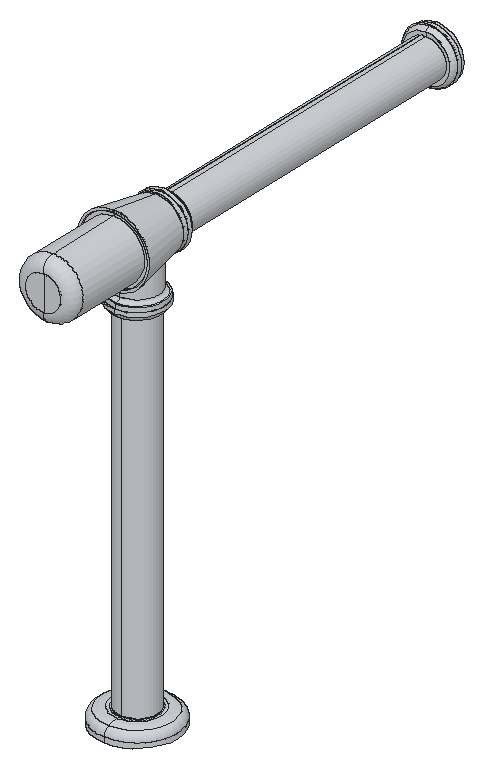
Revit family "Plumbing-Bottle_Trap-KOHLER-Complementary-K-75823IN", category Plumbing Fixtures, host Face, Revit 2022 (continued)
Definition of nested family "K-75823IN"
  Lines and regions (in)
    symbolic lines, detail levels medium+fine
      curve 549: line (0, 1.0413, 13.93146) -> (0, 0.92309, 13.93146)
      curve 550: line (0, 1.0413, 13.91965) -> (0, 0.92309, 13.91965)
      curve 551: line (0, 1.0413, 13.90784) -> (0, 0.92309, 13.90784)
      curve 552: line (0, 1.0413, 13.89603) -> (0, 0.92309, 13.89603)
      curve 553: line (0, 1.0413, 13.88422) -> (0, 0.92309, 13.88422)
      curve 554: line (0, 1.0413, 13.87241) -> (0, 0.92309, 13.87241)
      curve 555: line (0, 1.0413, 13.8606) -> (0, 0.92309, 13.8606)
      curve 556: line (0, 1.0413, 13.84879) -> (0, 0.92309, 13.84879)
      curve 557: line (0, 1.0413, 13.83698) -> (0, 0.92309, 13.83698)
      curve 558: line (0, 1.0413, 13.82517) -> (0, 0.92309, 13.82517)
      curve 559: line (0, 1.0413, 13.81335) -> (0, 0.92309, 13.81335)
      curve 560: line (0, 1.0413, 13.80154) -> (0, 0.92309, 13.80154)
      curve 561: line (0, 1.0413, 13.78973) -> (0, 0.92309, 13.78973)
      curve 562: line (0, 1.0413, 13.77953) -> (0, 0.92309, 13.77953)
      curve 563: line (0, 1.04116, 12.90712) -> (0, 0.92309, 12.90712)
      curve 564: line (0, 1.0413, 12.91893) -> (0, 0.92309, 12.91893)
      curve 565: line (0, 1.04116, 12.93074) -> (0, 0.92309, 12.93074)
      curve 566: line (0, 1.0413, 12.94255) -> (0, 0.92309, 12.94255)
      curve 567: line (0, 1.0413, 12.95436) -> (0, 0.92309, 12.95436)
      curve 568: line (0, 1.0413, 12.96617) -> (0, 0.92309, 12.96617)
      curve 569: line (0, 1.0413, 12.97798) -> (0, 0.92309, 12.97798)
      curve 570: line (0, 1.0413, 12.9898) -> (0, 0.92309, 12.9898)
      curve 571: line (0, 1.0413, 13.00161) -> (0, 0.92309, 13.00161)
      curve 572: line (0, 1.0413, 13.01342) -> (0, 0.92309, 13.01342)
      curve 573: line (0, 1.0413, 13.02523) -> (0, 0.92309, 13.02523)
      curve 574: line (0, 1.0413, 13.03704) -> (0, 0.92309, 13.03704)
      curve 575: line (0, 1.0413, 13.04885) -> (0, 0.92309, 13.04885)
      curve 576: line (0, 1.0413, 13.06066) -> (0, 0.92309, 13.06066)
      curve 577: line (0, 1.0413, 13.07247) -> (0, 0.92309, 13.07247)
      curve 578: line (0, 1.0413, 13.08428) -> (0, 0.92309, 13.08428)
      curve 579: line (0, 1.0413, 13.09609) -> (0, 0.92309, 13.09609)
      curve 580: line (0, 1.0413, 13.10791) -> (0, 0.92309, 13.10791)
      curve 581: line (0, 1.0413, 13.11972) -> (0, 0.92309, 13.11972)
      curve 582: line (0, 1.0413, 13.13153) -> (0, 0.92309, 13.13153)
      curve 583: line (0, 1.0413, 13.14334) -> (0, 0.92309, 13.14334)
      curve 584: line (0, 1.0413, 13.15515) -> (0, 0.92309, 13.15515)
      curve 585: line (0, 1.0413, 13.16696) -> (0, 0.92309, 13.16696)
      curve 586: line (0, 1.0413, 13.17877) -> (0, 0.92309, 13.17877)
      curve 587: line (0, 1.0413, 13.19058) -> (0, 0.92309, 13.19058)
      curve 588: line (0, 1.0413, 13.20239) -> (0, 0.92309, 13.20239)
      curve 589: line (0, 1.0413, 13.2142) -> (0, 0.92309, 13.2142)
      curve 590: line (0, 1.0413, 13.22602) -> (0, 0.92309, 13.22602)
      curve 591: line (0, 1.0413, 13.23783) -> (0, 0.92309, 13.23783)
      curve 592: line (0, 1.0413, 13.24964) -> (0, 0.92309, 13.24964)
      curve 593: line (0, 1.0413, 13.26145) -> (0, 0.92309, 13.26145)
      curve 594: line (0, 1.0413, 13.27326) -> (0, 0.92309, 13.27326)
      curve 595: line (0, 1.0413, 13.28507) -> (0, 0.92309, 13.28507)
      curve 596: line (0, 1.0413, 13.29688) -> (0, 0.92309, 13.29688)
      curve 597: line (0, 1.0413, 13.30869) -> (0, 0.92309, 13.30869)
      curve 598: line (0, 1.0413, 13.3205) -> (0, 0.92309, 13.3205)
      curve 599: line (0, 1.0413, 13.33231) -> (0, 0.92309, 13.33231)
      curve 600: line (0, 1.0413, 13.34413) -> (0, 0.92309, 13.34413)
      curve 601: line (0, 1.0413, 13.35594) -> (0, 0.92309, 13.35594)
      curve 602: line (0, 1.0413, 13.36775) -> (0, 0.92309, 13.36775)
      curve 603: line (0, 1.0413, 13.37956) -> (0, 0.92309, 13.37956)
      curve 604: line (0, 1.0413, 13.39137) -> (0, 0.92309, 13.39137)
      curve 605: line (0, 1.0413, 13.40318) -> (0, 0.92309, 13.40318)
      curve 606: line (0, 1.0413, 13.41499) -> (0, 0.92309, 13.41499)
      curve 607: line (0, 1.0413, 13.4268) -> (0, 0.92309, 13.4268)
      curve 608: line (0, 1.0413, 13.43861) -> (0, 0.92309, 13.43861)
      curve 609: line (0, 1.0413, 13.45043) -> (0, 0.92309, 13.45043)
      curve 610: line (0, 1.0413, 13.46224) -> (0, 0.92309, 13.46224)
      curve 611: line (0, 1.0413, 13.47405) -> (0, 0.92309, 13.47405)
      curve 612: line (0, 1.0413, 13.48586) -> (0, 0.92309, 13.48586)
      curve 613: line (0, 1.0413, 13.49767) -> (0, 0.92309, 13.49767)
      curve 614: line (0, 1.0413, 13.50948) -> (0, 0.92309, 13.50948)
      curve 615: line (0, 1.0413, 13.52129) -> (0, 0.92309, 13.52129)
      curve 616: line (0, 1.0413, 13.5331) -> (0, 0.92309, 13.5331)
      curve 617: line (0, 1.0413, 13.54491) -> (0, 0.92309, 13.54491)
      curve 618: line (0, 1.0413, 13.55672) -> (0, 0.92309, 13.55672)
      curve 619: line (0, 1.0413, 13.56854) -> (0, 0.92309, 13.56854)
      curve 620: line (0, 1.0413, 13.58035) -> (0, 0.92309, 13.58035)
      curve 621: line (0, 1.0413, 13.59216) -> (0, 0.92309, 13.59216)
      curve 622: line (0, 1.0413, 13.60397) -> (0, 0.92309, 13.60397)
      curve 623: line (0, 1.0413, 13.61578) -> (0, 0.92309, 13.61578)
      curve 624: line (0, 1.0413, 13.62759) -> (0, 0.92309, 13.62759)
      curve 625: line (0, 1.0413, 13.6394) -> (0, 0.92309, 13.6394)
      curve 626: line (0, 1.0413, 13.65121) -> (0, 0.92309, 13.65121)
      curve 627: line (0, 1.0413, 13.66302) -> (0, 0.92309, 13.66302)
      curve 628: line (0, 1.0413, 13.67483) -> (0, 0.92309, 13.67483)
      curve 629: line (0, 1.0413, 13.68665) -> (0, 0.92309, 13.68665)
      curve 630: line (0, 1.0413, 13.69846) -> (0, 0.92309, 13.69846)
      curve 631: line (0, 1.0413, 13.71027) -> (0, 0.92309, 13.71027)
      curve 632: line (0, 1.0413, 13.72208) -> (0, 0.92309, 13.72208)
      curve 633: line (0, 1.0413, 13.73389) -> (0, 0.92309, 13.73389)
      curve 634: line (0, 1.0413, 13.7457) -> (0, 0.92309, 13.7457)
      curve 635: line (0, 1.0413, 13.75751) -> (0, 0.92309, 13.75751)
      curve 636: line (0, 1.0413, 13.76932) -> (0, 0.92309, 13.76932)
      curve 637: line (0, -0.87389, 12.08641) -> (0, -0.87389, 11.96819)
      curve 638: line (0, -0.86208, 12.08641) -> (0, -0.86208, 11.96819)
      curve 639: line (0, -0.85027, 12.08641) -> (0, -0.85027, 11.96819)
      curve 640: line (0, -0.83846, 12.08641) -> (0, -0.83846, 11.96819)
      curve 641: line (0, -0.82665, 12.08641) -> (0, -0.82665, 11.96819)
      curve 642: line (0, -0.81484, 12.08641) -> (0, -0.81484, 11.96819)
      curve 643: line (0, -0.80303, 12.08641) -> (0, -0.80303, 11.96819)
      curve 644: line (0, -0.79122, 12.08641) -> (0, -0.79122, 11.96819)
      curve 645: line (0, -0.77941, 12.08641) -> (0, -0.77941, 11.96819)
      curve 646: line (0, -0.7676, 12.08641) -> (0, -0.7676, 11.96819)
      curve 647: line (0, -0.75578, 12.08641) -> (0, -0.75578, 11.96819)
      curve 648: line (0, -0.74397, 12.08641) -> (0, -0.74397, 11.96819)
      curve 649: line (0, -0.73216, 12.08641) -> (0, -0.73216, 11.96819)
      curve 650: line (0, -0.72035, 12.08641) -> (0, -0.72035, 11.96819)
      curve 651: line (0, -0.70854, 12.08641) -> (0, -0.70854, 11.96819)
      curve 652: line (0, -0.69673, 12.08641) -> (0, -0.69673, 11.96819)
      curve 653: line (0, -0.68492, 12.08641) -> (0, -0.68492, 11.96819)
      curve 654: line (0, -0.67311, 12.08641) -> (0, -0.67311, 11.96819)
      curve 655: line (0, -0.6613, 12.08641) -> (0, -0.6613, 11.96819)
      curve 656: line (0, -0.64949, 12.08641) -> (0, -0.64949, 11.96819)
      curve 657: line (0, -0.63767, 12.08641) -> (0, -0.63767, 11.96819)
      curve 658: line (0, -0.62586, 12.08641) -> (0, -0.62586, 11.96819)
      curve 659: line (0, -0.61405, 12.08641) -> (0, -0.61405, 11.96819)
      curve 660: line (0, -0.60224, 12.08641) -> (0, -0.60224, 11.96819)
      curve 661: line (0, -0.59043, 12.08641) -> (0, -0.59043, 11.96819)
      curve 662: line (0, -0.57862, 12.08641) -> (0, -0.57862, 11.96819)
      curve 663: line (0, -0.56681, 12.08641) -> (0, -0.56681, 11.96819)
      curve 664: line (0, -0.555, 12.08641) -> (0, -0.555, 11.96819)
      curve 665: line (0, -0.54319, 12.08641) -> (0, -0.54319, 11.96819)
      curve 666: line (0, -0.53137, 12.08641) -> (0, -0.53137, 11.96819)
      curve 667: line (0, -0.51956, 12.08641) -> (0, -0.51956, 11.96819)
      curve 668: line (0, -0.50775, 12.08641) -> (0, -0.50775, 11.96819)
      curve 669: line (0, -0.49594, 12.08641) -> (0, -0.49594, 11.96819)
      curve 670: line (0, -0.48413, 12.08641) -> (0, -0.48413, 11.96819)
      curve 671: line (0, -0.47232, 12.08641) -> (0, -0.47232, 11.96819)
      curve 672: line (0, -0.46051, 12.08641) -> (0, -0.46051, 11.96819)
      curve 673: line (0, -0.4487, 12.08641) -> (0, -0.4487, 11.96819)
      curve 674: line (0, -0.43689, 12.08641) -> (0, -0.43689, 11.96819)
      curve 675: line (0, -0.42508, 12.08641) -> (0, -0.42508, 11.96819)
      curve 676: line (0, -0.41326, 12.08641) -> (0, -0.41326, 11.96819)
      curve 677: line (0, -0.40145, 12.08641) -> (0, -0.40145, 11.96819)
      curve 678: line (0, -0.38964, 12.08641) -> (0, -0.38964, 11.96819)
      curve 679: line (0, -0.37783, 12.08641) -> (0, -0.37783, 11.96819)
      curve 680: line (0, -0.36602, 12.08641) -> (0, -0.36602, 11.96819)
      curve 681: line (0, -0.35421, 12.08641) -> (0, -0.35421, 11.96819)
      curve 682: line (0, -0.3424, 12.08641) -> (0, -0.3424, 11.96819)
      curve 683: line (0, -0.33059, 12.08641) -> (0, -0.33059, 11.96819)
      curve 684: line (0, -0.31878, 12.08641) -> (0, -0.31878, 11.96819)
      curve 685: line (0, -0.30697, 12.08641) -> (0, -0.30697, 11.96819)
      curve 686: line (0, -0.29515, 12.08641) -> (0, -0.29515, 11.96819)
      curve 687: line (0, -0.28334, 12.08641) -> (0, -0.28334, 11.96819)
      curve 688: line (0, -0.27153, 12.08641) -> (0, -0.27153, 11.96819)
      curve 689: line (0, -0.25972, 12.08641) -> (0, -0.25972, 11.96819)
      curve 690: line (0, -0.24791, 12.08641) -> (0, -0.24791, 11.96819)
      curve 691: line (0, -0.2361, 12.08641) -> (0, -0.2361, 11.96819)
      curve 692: line (0, -0.22429, 12.08641) -> (0, -0.22429, 11.96819)
      curve 693: line (0, -0.21248, 12.08641) -> (0, -0.21248, 11.96819)
      curve 694: line (0, -0.20067, 12.08641) -> (0, -0.20067, 11.96819)
      curve 695: line (0, -0.18886, 12.08641) -> (0, -0.18886, 11.96819)
      curve 696: line (0, -0.17704, 12.08641) -> (0, -0.17704, 11.96819)
      curve 697: line (0, -0.16523, 12.08641) -> (0, -0.16523, 11.96819)
      curve 698: line (0, -0.15342, 12.08641) -> (0, -0.15342, 11.96819)
      curve 699: line (0, -0.14161, 12.08641) -> (0, -0.14161, 11.96819)
      curve 700: line (0, -0.1298, 12.08641) -> (0, -0.1298, 11.96819)
      curve 701: line (0, -0.11799, 12.08641) -> (0, -0.11799, 11.96819)
      curve 702: line (0, -0.10618, 12.08641) -> (0, -0.10618, 11.96819)
      curve 703: line (0, -0.09437, 12.08641) -> (0, -0.09437, 11.96819)
      curve 704: line (0, -0.08256, 12.08641) -> (0, -0.08256, 11.96819)
      curve 705: line (0, -0.07075, 12.08641) -> (0, -0.07075, 11.96819)
      curve 706: line (0, -0.05893, 12.08641) -> (0, -0.05893, 11.96819)
      curve 707: line (0, -0.04712, 12.08641) -> (0, -0.04712, 11.96819)
      curve 708: line (0, -0.03531, 12.08641) -> (0, -0.03531, 11.96819)
      curve 709: line (0, -0.0235, 12.08641) -> (0, -0.0235, 11.96819)
      curve 710: line (0, -0.01169, 12.08641) -> (0, -0.01169, 11.96819)
      curve 711: line (0, 0, 12.08641) -> (0, 0, 11.96819)
      curve 712: line (0, 0.87389, 12.08641) -> (0, 0.87389, 11.96819)
      curve 713: line (0, 0.86208, 12.08641) -> (0, 0.86208, 11.96819)
      curve 714: line (0, 0.85027, 12.08641) -> (0, 0.85027, 11.96819)
      curve 715: line (0, 0.83846, 12.08641) -> (0, 0.83846, 11.96819)
      curve 716: line (0, 0.82665, 12.08641) -> (0, 0.82665, 11.96819)
      curve 717: line (0, 0.81484, 12.08641) -> (0, 0.81484, 11.96819)
      curve 718: line (0, 0.80303, 12.08641) -> (0, 0.80303, 11.96819)
      curve 719: line (0, 0.79122, 12.08641) -> (0, 0.79122, 11.96819)
      curve 720: line (0, 0.77941, 12.08641) -> (0, 0.77941, 11.96819)
      curve 721: line (0, 0.7676, 12.08641) -> (0, 0.7676, 11.96819)
      curve 722: line (0, 0.75578, 12.08641) -> (0, 0.75578, 11.96819)
      curve 723: line (0, 0.74397, 12.08641) -> (0, 0.74397, 11.96819)
      curve 724: line (0, 0.73216, 12.08641) -> (0, 0.73216, 11.96819)
      curve 725: line (0, 0.72035, 12.08641) -> (0, 0.72035, 11.96819)
      curve 726: line (0, 0.70854, 12.08641) -> (0, 0.70854, 11.96819)
      curve 727: line (0, 0.69673, 12.08641) -> (0, 0.69673, 11.96819)
      curve 728: line (0, 0.68492, 12.08641) -> (0, 0.68492, 11.96819)
      curve 729: line (0, 0.67311, 12.08641) -> (0, 0.67311, 11.96819)
      curve 730: line (0, 0.6613, 12.08641) -> (0, 0.6613, 11.96819)
      curve 731: line (0, 0.64949, 12.08641) -> (0, 0.64949, 11.96819)
      curve 732: line (0, 0.63767, 12.08641) -> (0, 0.63767, 11.96819)
      curve 733: line (0, 0.62586, 12.08641) -> (0, 0.62586, 11.96819)
      curve 734: line (0, 0.61405, 12.08641) -> (0, 0.61405, 11.96819)
      curve 735: line (0, 0.60224, 12.08641) -> (0, 0.60224, 11.96819)
      curve 736: line (0, 0.59043, 12.08641) -> (0, 0.59043, 11.96819)
      curve 737: line (0, 0.57862, 12.08641) -> (0, 0.57862, 11.96819)
      curve 738: line (0, 0.56681, 12.08641) -> (0, 0.56681, 11.96819)
      curve 739: line (0, 0.555, 12.08641) -> (0, 0.555, 11.96819)
      curve 740: line (0, 0.54319, 12.08641) -> (0, 0.54319, 11.96819)
      curve 741: line (0, 0.53137, 12.08641) -> (0, 0.53137, 11.96819)
      curve 742: line (0, 0.51956, 12.08641) -> (0, 0.51956, 11.96819)
      curve 743: line (0, 0.50775, 12.08641) -> (0, 0.50775, 11.96819)
      curve 744: line (0, 0.49594, 12.08641) -> (0, 0.49594, 11.96819)
      curve 745: line (0, 0.48413, 12.08641) -> (0, 0.48413, 11.96819)
      curve 746: line (0, 0.47232, 12.08641) -> (0, 0.47232, 11.96819)
      curve 747: line (0, 0.46051, 12.08641) -> (0, 0.46051, 11.96819)
      curve 748: line (0, 0.4487, 12.08641) -> (0, 0.4487, 11.96819)
      curve 749: line (0, 0.43689, 12.08641) -> (0, 0.43689, 11.96819)
      curve 750: line (0, 0.42508, 12.08641) -> (0, 0.42508, 11.96819)
      curve 751: line (0, 0.41326, 12.08641) -> (0, 0.41326, 11.96819)
      curve 752: line (0, 0.40145, 12.08641) -> (0, 0.40145, 11.96819)
      curve 753: line (0, 0.38964, 12.08641) -> (0, 0.38964, 11.96819)
      curve 754: line (0, 0.37783, 12.08641) -> (0, 0.37783, 11.96819)
      curve 755: line (0, 0.36602, 12.08641) -> (0, 0.36602, 11.96819)
      curve 756: line (0, 0.35421, 12.08641) -> (0, 0.35421, 11.96819)
      curve 757: line (0, 0.3424, 12.08641) -> (0, 0.3424, 11.96819)
      curve 758: line (0, 0.33059, 12.08641) -> (0, 0.33059, 11.96819)
      curve 759: line (0, 0.31878, 12.08641) -> (0, 0.31878, 11.96819)
      curve 760: line (0, 0.30697, 12.08641) -> (0, 0.30697, 11.96819)
      curve 761: line (0, 0.29515, 12.08641) -> (0, 0.29515, 11.96819)
      curve 762: line (0, 0.28334, 12.08641) -> (0, 0.28334, 11.96819)
      curve 763: line (0, 0.27153, 12.08641) -> (0, 0.27153, 11.96819)
      curve 764: line (0, 0.25972, 12.08641) -> (0, 0.25972, 11.96819)
      curve 765: line (0, 0.24791, 12.08641) -> (0, 0.24791, 11.96819)
      curve 766: line (0, 0.2361, 12.08641) -> (0, 0.2361, 11.96819)
      curve 767: line (0, 0.22429, 12.08641) -> (0, 0.22429, 11.96819)
      curve 768: line (0, 0.21248, 12.08641) -> (0, 0.21248, 11.96819)
      curve 769: line (0, 0.20067, 12.08641) -> (0, 0.20067, 11.96819)
      curve 770: line (0, 0.18886, 12.08641) -> (0, 0.18886, 11.96819)
      curve 771: line (0, 0.17704, 12.08641) -> (0, 0.17704, 11.96819)
      curve 772: line (0, 0.16523, 12.08641) -> (0, 0.16523, 11.96819)
      curve 773: line (0, 0.15342, 12.08641) -> (0, 0.15342, 11.96819)
      curve 774: line (0, 0.14161, 12.08641) -> (0, 0.14161, 11.96819)
      curve 775: line (0, 0.1298, 12.08641) -> (0, 0.1298, 11.96819)
      curve 776: line (0, 0.11799, 12.08641) -> (0, 0.11799, 11.96819)
      curve 777: line (0, 0.10618, 12.08641) -> (0, 0.10618, 11.96819)
      curve 778: line (0, 0.09437, 12.08641) -> (0, 0.09437, 11.96819)
      curve 779: line (0, 0.08256, 12.08641) -> (0, 0.08256, 11.96819)
      curve 780: line (0, 0.07075, 12.08641) -> (0, 0.07075, 11.96819)
      curve 781: line (0, 0.05893, 12.08641) -> (0, 0.05893, 11.96819)
      curve 782: line (0, 0.04712, 12.08641) -> (0, 0.04712, 11.96819)
      curve 783: line (0, 0.03531, 12.08641) -> (0, 0.03531, 11.96819)
      curve 784: line (0, 0.0235, 12.08641) -> (0, 0.0235, 11.96819)
      curve 785: line (0, 0.01169, 12.08641) -> (0, 0.01169, 11.96819)
      curve 786: line (0.87389, 0, 11.96819) -> (0.87389, 0, 12.08641)
      curve 787: line (0.86208, 0, 11.96819) -> (0.86208, 0, 12.08641)
      curve 788: line (0.85027, 0, 11.96819) -> (0.85027, 0, 12.08641)
      curve 789: line (0.83846, 0, 11.96819) -> (0.83846, 0, 12.08641)
      curve 790: line (0.82665, 0, 11.96819) -> (0.82665, 0, 12.08641)
      curve 791: line (0.81484, 0, 11.96819) -> (0.81484, 0, 12.08641)
      curve 792: line (0.80303, 0, 11.96819) -> (0.80303, 0, 12.08641)
      curve 793: line (0.79122, 0, 11.96819) -> (0.79122, 0, 12.08641)
      curve 794: line (0.77941, 0, 11.96819) -> (0.77941, 0, 12.08641)
      curve 795: line (0.7676, 0, 11.96819) -> (0.7676, 0, 12.08641)
      curve 796: line (0.75578, 0, 11.96819) -> (0.75578, 0, 12.08641)
      curve 797: line (0.74397, 0, 11.96819) -> (0.74397, 0, 12.08641)
      curve 798: line (0.73216, 0, 11.96819) -> (0.73216, 0, 12.08641)
      curve 799: line (0.72035, 0, 11.96819) -> (0.72035, 0, 12.08641)
      curve 800: line (0.70854, 0, 11.96819) -> (0.70854, 0, 12.08641)
      curve 801: line (0.69673, 0, 11.96819) -> (0.69673, 0, 12.08641)
      curve 802: line (0.68492, 0, 11.96819) -> (0.68492, 0, 12.08641)
      curve 803: line (0.67311, 0, 11.96819) -> (0.67311, 0, 12.08641)
      curve 804: line (0.6613, 0, 11.96819) -> (0.6613, 0, 12.08641)
      curve 805: line (0.64949, 0, 11.96819) -> (0.64949, 0, 12.08641)
      curve 806: line (0.63767, 0, 11.96819) -> (0.63767, 0, 12.08641)
      curve 807: line (0.62586, 0, 11.96819) -> (0.62586, 0, 12.08641)
      curve 808: line (0.61405, 0, 11.96819) -> (0.61405, 0, 12.08641)
      curve 809: line (0.60224, 0, 11.96819) -> (0.60224, 0, 12.08641)
      curve 810: line (0.59043, 0, 11.96819) -> (0.59043, 0, 12.08641)
      curve 811: line (0.57862, 0, 11.96819) -> (0.57862, 0, 12.08641)
      curve 812: line (0.56681, 0, 11.96819) -> (0.56681, 0, 12.08641)
      curve 813: line (0.555, 0, 11.96819) -> (0.555, 0, 12.08641)
      curve 814: line (0.54319, 0, 11.96819) -> (0.54319, 0, 12.08641)
      curve 815: line (0.53137, 0, 11.96819) -> (0.53137, 0, 12.08641)
      curve 816: line (0.51956, 0, 11.96819) -> (0.51956, 0, 12.08641)
      curve 817: line (0.50775, 0, 11.96819) -> (0.50775, 0, 12.08641)
      curve 818: line (0.49594, 0, 11.96819) -> (0.49594, 0, 12.08641)
      curve 819: line (0.48413, 0, 11.96819) -> (0.48413, 0, 12.08641)
      curve 820: line (0.47232, 0, 11.96819) -> (0.47232, 0, 12.08641)
      curve 821: line (0.46051, 0, 11.96819) -> (0.46051, 0, 12.08641)
      curve 822: line (0.4487, 0, 11.96819) -> (0.4487, 0, 12.08641)
      curve 823: line (0.43689, 0, 11.96819) -> (0.43689, 0, 12.08641)
      curve 824: line (0.42508, 0, 11.96819) -> (0.42508, 0, 12.08641)
      curve 825: line (0.41326, 0, 11.96819) -> (0.41326, 0, 12.08641)
      curve 826: line (0.40145, 0, 11.96819) -> (0.40145, 0, 12.08641)
      curve 827: line (0.38964, 0, 11.96819) -> (0.38964, 0, 12.08641)
      curve 828: line (0.37783, 0, 11.96819) -> (0.37783, 0, 12.08641)
      curve 829: line (0.36602, 0, 11.96819) -> (0.36602, 0, 12.08641)
      curve 830: line (0.35421, 0, 11.96819) -> (0.35421, 0, 12.08641)
      curve 831: line (0.3424, 0, 11.96819) -> (0.3424, 0, 12.08641)
      curve 832: line (0.33059, 0, 11.96819) -> (0.33059, 0, 12.08641)
      curve 833: line (0.31878, 0, 11.96819) -> (0.31878, 0, 12.08641)
      curve 834: line (0.30697, 0, 11.96819) -> (0.30697, 0, 12.08641)
      curve 835: line (0.29515, 0, 11.96819) -> (0.29515, 0, 12.08641)
      curve 836: line (0.28334, 0, 11.96819) -> (0.28334, 0, 12.08641)
      curve 837: line (0.27153, 0, 11.96819) -> (0.27153, 0, 12.08641)
      curve 838: line (0.25972, 0, 11.96819) -> (0.25972, 0, 12.08641)
      curve 839: line (0.24791, 0, 11.96819) -> (0.24791, 0, 12.08641)
      curve 840: line (0.2361, 0, 11.96819) -> (0.2361, 0, 12.08641)
      curve 841: line (0.22429, 0, 11.96819) -> (0.22429, 0, 12.08641)
      curve 842: line (0.21248, 0, 11.96819) -> (0.21248, 0, 12.08641)
      curve 843: line (0.20067, 0, 11.96819) -> (0.20067, 0, 12.08641)
      curve 844: line (0.18886, 0, 11.96819) -> (0.18886, 0, 12.08641)
      curve 845: line (0.17704, 0, 11.96819) -> (0.17704, 0, 12.08641)
      curve 846: line (0.16523, 0, 11.96819) -> (0.16523, 0, 12.08641)
      curve 847: line (0.15342, 0, 11.96819) -> (0.15342, 0, 12.08641)
      curve 848: line (0.14161, 0, 11.96819) -> (0.14161, 0, 12.08641)
      curve 849: line (0.1298, 0, 11.96819) -> (0.1298, 0, 12.08641)
      curve 850: line (0.11799, 0, 11.96819) -> (0.11799, 0, 12.08641)
      curve 851: line (0.10618, 0, 11.96819) -> (0.10618, 0, 12.08641)
      curve 852: line (0.09437, 0, 11.96819) -> (0.09437, 0, 12.08641)
      curve 853: line (0.08256, 0, 11.96819) -> (0.08256, 0, 12.08641)
      curve 854: line (0.07075, 0, 11.96819) -> (0.07075, 0, 12.08641)
      curve 855: line (0.05893, 0, 11.96819) -> (0.05893, 0, 12.08641)
      curve 856: line (0.04712, 0, 11.96819) -> (0.04712, 0, 12.08641)
      curve 857: line (0.03531, 0, 11.96819) -> (0.03531, 0, 12.08641)
      curve 858: line (0.0235, 0, 11.96819) -> (0.0235, 0, 12.08641)
      curve 859: line (0.01169, 0, 11.96819) -> (0.01169, 0, 12.08641)
      curve 860: line (-0.00012, 0, 11.96819) -> (-0.00012, 0, 12.08641)
      curve 861: line (-0.87389, 0, 11.96819) -> (-0.87389, 0, 12.08641)
      curve 862: line (-0.86208, 0, 11.96819) -> (-0.86208, 0, 12.08641)
      curve 863: line (-0.85027, 0, 11.96819) -> (-0.85027, 0, 12.08641)
      curve 864: line (-0.83846, 0, 11.96819) -> (-0.83846, 0, 12.08641)
      curve 865: line (-0.82665, 0, 11.96819) -> (-0.82665, 0, 12.08641)
      curve 866: line (-0.81484, 0, 11.96819) -> (-0.81484, 0, 12.08641)
      curve 867: line (-0.80303, 0, 11.96819) -> (-0.80303, 0, 12.08641)
      curve 868: line (-0.79122, 0, 11.96819) -> (-0.79122, 0, 12.08641)
      curve 869: line (-0.77941, 0, 11.96819) -> (-0.77941, 0, 12.08641)
      curve 870: line (-0.7676, 0, 11.96819) -> (-0.7676, 0, 12.08641)
      curve 871: line (-0.75578, 0, 11.96819) -> (-0.75578, 0, 12.08641)
      curve 872: line (-0.74397, 0, 11.96819) -> (-0.74397, 0, 12.08641)
      curve 873: line (-0.73216, 0, 11.96819) -> (-0.73216, 0, 12.08641)
      curve 874: line (-0.72035, 0, 11.96819) -> (-0.72035, 0, 12.08641)
      curve 875: line (-0.70854, 0, 11.96819) -> (-0.70854, 0, 12.08641)
      curve 876: line (-0.69673, 0, 11.96819) -> (-0.69673, 0, 12.08641)
      curve 877: line (-0.68492, 0, 11.96819) -> (-0.68492, 0, 12.08641)
      curve 878: line (-0.67311, 0, 11.96819) -> (-0.67311, 0, 12.08641)
      curve 879: line (-0.6613, 0, 11.96819) -> (-0.6613, 0, 12.08641)
      curve 880: line (-0.64949, 0, 11.96819) -> (-0.64949, 0, 12.08641)
      curve 881: line (-0.63767, 0, 11.96819) -> (-0.63767, 0, 12.08641)
      curve 882: line (-0.62586, 0, 11.96819) -> (-0.62586, 0, 12.08641)
      curve 883: line (-0.61405, 0, 11.96819) -> (-0.61405, 0, 12.08641)
      curve 884: line (-0.60224, 0, 11.96819) -> (-0.60224, 0, 12.08641)
      curve 885: line (-0.59043, 0, 11.96819) -> (-0.59043, 0, 12.08641)
      curve 886: line (-0.57862, 0, 11.96819) -> (-0.57862, 0, 12.08641)
      curve 887: line (-0.56681, 0, 11.96819) -> (-0.56681, 0, 12.08641)
      curve 888: line (-0.555, 0, 11.96819) -> (-0.555, 0, 12.08641)
      curve 889: line (-0.54319, 0, 11.96819) -> (-0.54319, 0, 12.08641)
      curve 890: line (-0.53137, 0, 11.96819) -> (-0.53137, 0, 12.08641)
      curve 891: line (-0.51956, 0, 11.96819) -> (-0.51956, 0, 12.08641)
      curve 892: line (-0.50775, 0, 11.96819) -> (-0.50775, 0, 12.08641)
      curve 893: line (-0.49594, 0, 11.96819) -> (-0.49594, 0, 12.08641)
      curve 894: line (-0.48413, 0, 11.96819) -> (-0.48413, 0, 12.08641)
      curve 895: line (-0.47232, 0, 11.96819) -> (-0.47232, 0, 12.08641)
      curve 896: line (-0.46051, 0, 11.96819) -> (-0.46051, 0, 12.08641)
      curve 897: line (-0.4487, 0, 11.96819) -> (-0.4487, 0, 12.08641)
      curve 898: line (-0.43689, 0, 11.96819) -> (-0.43689, 0, 12.08641)
      curve 899: line (-0.42508, 0, 11.96819) -> (-0.42508, 0, 12.08641)
      curve 900: line (-0.41326, 0, 11.96819) -> (-0.41326, 0, 12.08641)
      curve 901: line (-0.40145, 0, 11.96819) -> (-0.40145, 0, 12.08641)
      curve 902: line (-0.38964, 0, 11.96819) -> (-0.38964, 0, 12.08641)
      curve 903: line (-0.37783, 0, 11.96819) -> (-0.37783, 0, 12.08641)
      curve 904: line (-0.36602, 0, 11.96819) -> (-0.36602, 0, 12.08641)
      curve 905: line (-0.35421, 0, 11.96819) -> (-0.35421, 0, 12.08641)
      curve 906: line (-0.3424, 0, 11.96819) -> (-0.3424, 0, 12.08641)
      curve 907: line (-0.33059, 0, 11.96819) -> (-0.33059, 0, 12.08641)
      curve 908: line (-0.31878, 0, 11.96819) -> (-0.31878, 0, 12.08641)
      curve 909: line (-0.30697, 0, 11.96819) -> (-0.30697, 0, 12.08641)
      curve 910: line (-0.29515, 0, 11.96819) -> (-0.29515, 0, 12.08641)
      curve 911: line (-0.28334, 0, 11.96819) -> (-0.28334, 0, 12.08641)
      curve 912: line (-0.27153, 0, 11.96819) -> (-0.27153, 0, 12.08641)
      curve 913: line (-0.25972, 0, 11.96819) -> (-0.25972, 0, 12.08641)
      curve 914: line (-0.24791, 0, 11.96819) -> (-0.24791, 0, 12.08641)
      curve 915: line (-0.2361, 0, 11.96819) -> (-0.2361, 0, 12.08641)
      curve 916: line (-0.22429, 0, 11.96819) -> (-0.22429, 0, 12.08641)
      curve 917: line (-0.21248, 0, 11.96819) -> (-0.21248, 0, 12.08641)
      curve 918: line (-0.20067, 0, 11.96819) -> (-0.20067, 0, 12.08641)
      curve 919: line (-0.18886, 0, 11.96819) -> (-0.18886, 0, 12.08641)
      curve 920: line (-0.17704, 0, 11.96819) -> (-0.17704, 0, 12.08641)
      curve 921: line (-0.16523, 0, 11.96819) -> (-0.16523, 0, 12.08641)
      curve 922: line (-0.15342, 0, 11.96819) -> (-0.15342, 0, 12.08641)
      curve 923: line (-0.14161, 0, 11.96819) -> (-0.14161, 0, 12.08641)
      curve 924: line (-0.1298, 0, 11.96819) -> (-0.1298, 0, 12.08641)
      curve 925: line (-0.11799, 0, 11.96819) -> (-0.11799, 0, 12.08641)
      curve 926: line (-0.10618, 0, 11.96819) -> (-0.10618, 0, 12.08641)
      curve 927: line (-0.09437, 0, 11.96819) -> (-0.09437, 0, 12.08641)
      curve 928: line (-0.08256, 0, 11.96819) -> (-0.08256, 0, 12.08641)
      curve 929: line (-0.07075, 0, 11.96819) -> (-0.07075, 0, 12.08641)
      curve 930: line (-0.05893, 0, 11.96819) -> (-0.05893, 0, 12.08641)
      curve 931: line (-0.04712, 0, 11.96819) -> (-0.04712, 0, 12.08641)
      curve 932: line (-0.03531, 0, 11.96819) -> (-0.03531, 0, 12.08641)
      curve 933: line (-0.0235, 0, 11.96819) -> (-0.0235, 0, 12.08641)
      curve 934: line (-0.01169, 0, 11.96819) -> (-0.01169, 0, 12.08641)
      curve 935: line (0.01736, 0, 14.62903) -> (0.00364, 0, 14.65717)
      curve 936: line (0.0661, 0, 14.65717) -> (0.03048, 0, 14.65717)
      curve 937: line (-0.04612, 0, 14.62841) -> (-0.03209, 0, 14.65717)
      curve 938: line (-0.0455, 0, 14.62844) -> (-0.06116, 0, 14.65507)
      curve 939: line (-0.06116, 0, 14.65507) -> (-0.0976, 0, 14.65222)
      curve 940: line (-0.10929, 0, 14.62261) -> (-0.0976, 0, 14.65222)
      curve 941: line (-0.10949, 0, 14.62258) -> (-0.12722, 0, 14.64795)
      curve 942: line (-0.12722, 0, 14.64795) -> (-0.16554, 0, 14.64193)
      curve 943: line (-0.17511, 0, 14.61076) -> (-0.16554, 0, 14.64193)
      curve 944: line (-0.17511, 0, 14.61076) -> (-0.19521, 0, 14.63523)
      curve 945: line (-0.19521, 0, 14.63523) -> (-0.22916, 0, 14.62714)
      curve 946: line (-0.23607, 0, 14.59623) -> (-0.22916, 0, 14.62714)
      curve 947: line (-0.23674, 0, 14.59603) -> (-0.25824, 0, 14.6184)
      curve 948: line (-0.25824, 0, 14.6184) -> (-0.29135, 0, 14.60773)
      curve 949: line (-0.29598, 0, 14.57531) -> (-0.29135, 0, 14.60773)
      curve 950: line (-0.29598, 0, 14.57531) -> (-0.32016, 0, 14.59682)
      curve 951: line (-0.32016, 0, 14.59682) -> (-0.35184, 0, 14.58381)
      curve 952: line (-0.35384, 0, 14.55253) -> (-0.35184, 0, 14.58381)
      curve 953: line (-0.35384, 0, 14.55253) -> (-0.37878, 0, 14.57145)
      curve 954: line (-0.37878, 0, 14.57145) -> (-0.41341, 0, 14.55396)
      curve 955: line (-0.41297, 0, 14.52262) -> (-0.41341, 0, 14.55396)
      curve 956: line (-0.41297, 0, 14.52262) -> (-0.43931, 0, 14.53955)
      curve 957: line (-0.43931, 0, 14.53955) -> (-0.47248, 0, 14.51941)
      curve 958: line (-0.4696, 0, 14.48819) -> (-0.47248, 0, 14.51941)
      curve 959: line (-0.4696, 0, 14.48819) -> (-0.49717, 0, 14.50302)
      curve 960: line (-0.49717, 0, 14.50302) -> (-0.52867, 0, 14.48036)
      curve 961: line (-0.52337, 0, 14.44947) -> (-0.52867, 0, 14.48036)
      curve 962: line (-0.52337, 0, 14.44947) -> (-0.55202, 0, 14.4621)
      curve 963: line (-0.55202, 0, 14.4621) -> (-0.58165, 0, 14.43705)
      curve 964: line (-0.57396, 0, 14.40667) -> (-0.58165, 0, 14.43705)
      curve 965: line (-0.57396, 0, 14.40667) -> (-0.6035, 0, 14.41703)
      curve 966: line (-0.6035, 0, 14.41703) -> (-0.6311, 0, 14.38975)
      curve 967: line (-0.62106, 0, 14.36006) -> (-0.6311, 0, 14.38975)
      curve 968: line (-0.62106, 0, 14.36006) -> (-0.65132, 0, 14.36809)
      curve 969: line (-0.65132, 0, 14.36809) -> (-0.67671, 0, 14.33874)
      curve 970: line (-0.66439, 0, 14.30992) -> (-0.67671, 0, 14.33874)
      curve 971: line (-0.66439, 0, 14.30992) -> (-0.69519, 0, 14.31557)
      curve 972: line (-0.69519, 0, 14.31557) -> (-0.71821, 0, 14.28434)
      curve 973: line (-0.70368, 0, 14.25656) -> (-0.71821, 0, 14.28434)
      curve 974: line (-0.70368, 0, 14.25656) -> (-0.73483, 0, 14.25979)
      curve 975: line (-0.73483, 0, 14.25979) -> (-0.75534, 0, 14.22686)
      curve 976: line (-0.7387, 0, 14.2003) -> (-0.75534, 0, 14.22686)
      curve 977: line (-0.7387, 0, 14.2003) -> (-0.77, 0, 14.2011)
      curve 978: line (-0.77, 0, 14.2011) -> (-0.78789, 0, 14.16667)
      curve 979: line (-0.76923, 0, 14.14149) -> (-0.78789, 0, 14.16667)
      curve 980: line (-0.76923, 0, 14.14149) -> (-0.8005, 0, 14.13985)
      curve 981: line (-0.8005, 0, 14.13985) -> (-0.81565, 0, 14.10413)
      curve 982: line (-0.79509, 0, 14.08047) -> (-0.81565, 0, 14.10413)
      curve 983: line (-0.79509, 0, 14.08047) -> (-0.82613, 0, 14.0764)
      curve 984: line (-0.82613, 0, 14.0764) -> (-0.83846, 0, 14.03961)
      curve 985: line (-0.81611, 0, 14.01763) -> (-0.83846, 0, 14.03961)
      curve 986: line (-0.81611, 0, 14.01763) -> (-0.84674, 0, 14.01115)
      curve 987: line (-0.84674, 0, 14.01115) -> (-0.85617, 0, 13.97352)
      curve 988: line (-0.83218, 0, 13.95334) -> (-0.85617, 0, 13.97352)
      curve 989: line (-0.83218, 0, 13.95334) -> (-0.86221, 0, 13.9445)
      curve 990: line (-0.86221, 0, 13.9445) -> (-0.86868, 0, 13.90624)
      curve 991: line (-0.84319, 0, 13.888) -> (-0.86868, 0, 13.90624)
      curve 992: line (-0.84319, 0, 13.888) -> (-0.87244, 0, 13.87684)
      curve 993: line (-0.87244, 0, 13.87684) -> (-0.87591, 0, 13.8382)
      curve 994: line (-0.84907, 0, 13.822) -> (-0.87591, 0, 13.8382)
      curve 995: line (-0.84907, 0, 13.822) -> (-0.87737, 0, 13.80859)
      curve 996: line (-0.87737, 0, 13.80859) -> (-0.87781, 0, 13.76979)
      curve 997: line (-0.8498, 0, 13.75573) -> (-0.87781, 0, 13.76979)
      curve 998: line (-0.8498, 0, 13.75573) -> (-0.87697, 0, 13.74017)
      curve 999: line (-0.87697, 0, 13.74017) -> (-0.87439, 0, 13.70145)
      curve 1000: line (-0.84537, 0, 13.68962) -> (-0.87439, 0, 13.70145)
      curve 1001: line (-0.84537, 0, 13.68962) -> (-0.87124, 0, 13.67198)
      curve 1002: line (-0.87124, 0, 13.67198) -> (-0.86565, 0, 13.63359)
      curve 1003: line (-0.8358, 0, 13.62404) -> (-0.86565, 0, 13.63359)
      curve 1004: line (-0.8358, 0, 13.62404) -> (-0.86022, 0, 13.60445)
      curve 1005: line (-0.86022, 0, 13.60445) -> (-0.85166, 0, 13.5666)
      curve 1006: line (-0.82115, 0, 13.55942) -> (-0.85166, 0, 13.5666)
      curve 1007: line (-0.82115, 0, 13.55942) -> (-0.84397, 0, 13.53798)
      curve 1008: line (-0.84397, 0, 13.53798) -> (-0.83248, 0, 13.50092)
      curve 1009: line (-0.80151, 0, 13.49613) -> (-0.83248, 0, 13.50092)
      curve 1010: line (-0.80151, 0, 13.49613) -> (-0.82259, 0, 13.47298)
      curve 1011: line (-0.82259, 0, 13.47298) -> (-0.80825, 0, 13.43692)
      curve 1012: line (-0.777, 0, 13.43456) -> (-0.80825, 0, 13.43692)
      curve 1013: line (-0.777, 0, 13.43456) -> (-0.79621, 0, 13.40984)
      curve 1014: line (-0.79621, 0, 13.40984) -> (-0.77911, 0, 13.37501)
      curve 1015: line (-0.74777, 0, 13.37509) -> (-0.77911, 0, 13.37501)
      curve 1016: line (-0.74777, 0, 13.37509) -> (-0.765, 0, 13.34895)
      curve 1017: line (-0.765, 0, 13.34895) -> (-0.74524, 0, 13.31556)
      curve 1018: line (-0.714, 0, 13.31808) -> (-0.74524, 0, 13.31556)
      curve 1019: line (-0.714, 0, 13.31808) -> (-0.72914, 0, 13.29067)
      curve 1020: line (-0.72914, 0, 13.29067) -> (-0.70684, 0, 13.25892)
      curve 1021: line (-0.67589, 0, 13.26387) -> (-0.70684, 0, 13.25892)
      curve 1022: line (-0.67589, 0, 13.26387) -> (-0.68885, 0, 13.23537)
      curve 1023: line (-0.68885, 0, 13.23537) -> (-0.66414, 0, 13.20545)
      curve 1024: line (-0.63367, 0, 13.21279) -> (-0.66414, 0, 13.20545)
      curve 1025: line (-0.63367, 0, 13.21279) -> (-0.64437, 0, 13.18337)
      curve 1026: line (-0.64437, 0, 13.18337) -> (-0.61741, 0, 13.15546)
      curve 1027: line (-0.5876, 0, 13.16516) -> (-0.61741, 0, 13.15546)
      curve 1028: line (-0.5876, 0, 13.16516) -> (-0.59598, 0, 13.13499)
      curve 1029: line (-0.59598, 0, 13.13499) -> (-0.56693, 0, 13.10927)
      curve 1030: line (-0.53797, 0, 13.12125) -> (-0.56693, 0, 13.10927)
      curve 1031: line (-0.53797, 0, 13.12125) -> (-0.54397, 0, 13.09053)
      curve 1032: line (-0.54397, 0, 13.09053) -> (-0.513, 0, 13.06715)
      curve 1033: line (-0.48506, 0, 13.08135) -> (-0.513, 0, 13.06715)
      curve 1034: line (-0.48506, 0, 13.08135) -> (-0.48865, 0, 13.05025)
      curve 1035: line (-0.48865, 0, 13.05025) -> (-0.45596, 0, 13.02936)
      curve 1036: line (-0.42921, 0, 13.04569) -> (-0.45596, 0, 13.02936)
      curve 1037: line (-0.42921, 0, 13.04569) -> (-0.43036, 0, 13.01441)
      curve 1038: line (-0.43036, 0, 13.01441) -> (-0.39614, 0, 12.99612)
      curve 1039: line (-0.37075, 0, 13.01449) -> (-0.39614, 0, 12.99612)
      curve 1040: line (-0.37075, 0, 13.01449) -> (-0.36946, 0, 12.98321)
      curve 1041: line (-0.36946, 0, 12.98321) -> (-0.33392, 0, 12.96765)
      curve 1042: line (-0.31003, 0, 12.98794) -> (-0.33392, 0, 12.96765)
      curve 1043: line (-0.31003, 0, 12.98794) -> (-0.30632, 0, 12.95685)
      curve 1044: line (-0.30632, 0, 12.95685) -> (-0.26967, 0, 12.9441)
      curve 1045: line (-0.24744, 0, 12.9662) -> (-0.26967, 0, 12.9441)
      curve 1046: line (-0.24744, 0, 12.9662) -> (-0.24131, 0, 12.93549)
      curve 1047: line (-0.24131, 0, 12.93549) -> (-0.20378, 0, 12.92564)
      curve 1048: line (-0.18333, 0, 12.9494) -> (-0.20378, 0, 12.92564)
      curve 1049: line (-0.18333, 0, 12.9494) -> (-0.17483, 0, 12.91926)
      curve 1050: line (-0.17483, 0, 12.91926) -> (-0.13665, 0, 12.91236)
      curve 1051: line (-0.11812, 0, 12.93764) -> (-0.13665, 0, 12.91236)
      curve 1052: line (-0.11812, 0, 12.93764) -> (-0.1073, 0, 12.90826)
      curve 1053: line (-0.1073, 0, 12.90826) -> (-0.0687, 0, 12.90435)
      curve 1054: line (-0.05219, 0, 12.931) -> (-0.0687, 0, 12.90435)
      curve 1055: line (-0.05219, 0, 12.931) -> (-0.03911, 0, 12.90255)
      curve 1056: line (-0.03911, 0, 12.90255) -> (-0.00032, 0, 12.90166)
      curve 1057: line (0.01406, 0, 12.92951) -> (-0.00032, 0, 12.90166)
      curve 1058: line (0.01406, 0, 12.92951) -> (0.02931, 0, 12.90217)
      curve 1059: line (0.02931, 0, 12.90217) -> (0.06806, 0, 12.9043)
      curve 1060: line (0.08022, 0, 12.93319) -> (0.06806, 0, 12.9043)
      curve 1061: line (0.08022, 0, 12.93319) -> (0.09756, 0, 12.90711)
      curve 1062: line (0.09756, 0, 12.90711) -> (0.13602, 0, 12.91226)
      curve 1063: line (0.1459, 0, 12.94201) -> (0.13602, 0, 12.91226)
      curve 1064: line (0.1459, 0, 12.94201) -> (0.16522, 0, 12.91736)
      curve 1065: line (0.16522, 0, 12.91736) -> (0.20316, 0, 12.92549)
      curve 1066: line (0.21069, 0, 12.95591) -> (0.20316, 0, 12.92549)
      curve 1067: line (0.21069, 0, 12.95591) -> (0.23187, 0, 12.93285)
      curve 1068: line (0.23187, 0, 12.93285) -> (0.26906, 0, 12.94391)
      curve 1069: line (0.2742, 0, 12.97483) -> (0.26906, 0, 12.94391)
      curve 1070: line (0.2742, 0, 12.97483) -> (0.29711, 0, 12.95348)
      curve 1071: line (0.29711, 0, 12.95348) -> (0.33333, 0, 12.9674)
      curve 1072: line (0.33604, 0, 12.99863) -> (0.33333, 0, 12.9674)
      curve 1073: line (0.33604, 0, 12.99863) -> (0.36054, 0, 12.97913)
      curve 1074: line (0.36054, 0, 12.97913) -> (0.39557, 0, 12.99583)
      curve 1075: line (0.39585, 0, 13.02717) -> (0.39557, 0, 12.99583)
      curve 1076: line (0.39585, 0, 13.02717) -> (0.42179, 0, 13.00965)
      curve 1077: line (0.42179, 0, 13.00965) -> (0.45541, 0, 13.02902)
      curve 1078: line (0.45324, 0, 13.06029) -> (0.45541, 0, 13.02902)
      curve 1079: line (0.45324, 0, 13.06029) -> (0.48047, 0, 13.04484)
      curve 1080: line (0.48047, 0, 13.04484) -> (0.51248, 0, 13.06677)
      curve 1081: line (0.50789, 0, 13.09778) -> (0.51248, 0, 13.06677)
      curve 1082: line (0.50789, 0, 13.09778) -> (0.53624, 0, 13.08449)
      curve 1083: line (0.53624, 0, 13.08449) -> (0.56644, 0, 13.10885)
      curve 1084: line (0.55944, 0, 13.13941) -> (0.56644, 0, 13.10885)
      curve 1085: line (0.55944, 0, 13.13941) -> (0.58874, 0, 13.12837)
      curve 1086: line (0.58874, 0, 13.12837) -> (0.61695, 0, 13.15501)
      curve 1087: line (0.6076, 0, 13.18493) -> (0.61695, 0, 13.15501)
      curve 1088: line (0.6076, 0, 13.18493) -> (0.63767, 0, 13.17621)
      curve 1089: line (0.63767, 0, 13.17621) -> (0.66372, 0, 13.20496)
      curve 1090: line (0.65207, 0, 13.23406) -> (0.66372, 0, 13.20496)
      curve 1091: line (0.65207, 0, 13.23406) -> (0.68273, 0, 13.22771)
      curve 1092: line (0.68273, 0, 13.22771) -> (0.70646, 0, 13.2584)
      curve 1093: line (0.69257, 0, 13.2865) -> (0.70646, 0, 13.2584)
      curve 1094: line (0.69257, 0, 13.2865) -> (0.72363, 0, 13.28256)
      curve 1095: line (0.72363, 0, 13.28256) -> (0.7449, 0, 13.31501)
      curve 1096: line (0.72887, 0, 13.34194) -> (0.7449, 0, 13.31501)
      curve 1097: line (0.72887, 0, 13.34194) -> (0.76014, 0, 13.34043)
      curve 1098: line (0.76014, 0, 13.34043) -> (0.77882, 0, 13.37444)
      curve 1099: line (0.76074, 0, 13.40004) -> (0.77882, 0, 13.37444)
      curve 1100: line (0.76074, 0, 13.40004) -> (0.79203, 0, 13.40097)
      curve 1101: line (0.79203, 0, 13.40097) -> (0.808, 0, 13.43633)
      curve 1102: line (0.78798, 0, 13.46045) -> (0.808, 0, 13.43633)
      curve 1103: line (0.78798, 0, 13.46045) -> (0.81911, 0, 13.46381)
      curve 1104: line (0.81911, 0, 13.46381) -> (0.83228, 0, 13.50031)
      curve 1105: line (0.81044, 0, 13.52279) -> (0.83228, 0, 13.50031)
      curve 1106: line (0.81044, 0, 13.52279) -> (0.84122, 0, 13.52857)
      curve 1107: line (0.84122, 0, 13.52857) -> (0.8515, 0, 13.56598)
      curve 1108: line (0.82798, 0, 13.5867) -> (0.8515, 0, 13.56598)
      curve 1109: line (0.82798, 0, 13.5867) -> (0.85821, 0, 13.59485)
      curve 1110: line (0.85821, 0, 13.59485) -> (0.86555, 0, 13.63295)
      curve 1111: line (0.84048, 0, 13.65177) -> (0.86555, 0, 13.63295)
      curve 1112: line (0.84048, 0, 13.65177) -> (0.86998, 0, 13.66226)
      curve 1113: line (0.86998, 0, 13.66226) -> (0.87433, 0, 13.70081)
      curve 1114: line (0.84788, 0, 13.71763) -> (0.87433, 0, 13.70081)
      curve 1115: line (0.84788, 0, 13.71763) -> (0.87647, 0, 13.73038)
      curve 1116: line (0.87647, 0, 13.73038) -> (0.87781, 0, 13.76915)
      curve 1117: line (0.85012, 0, 13.78385) -> (0.87781, 0, 13.76915)
      curve 1118: line (0.85012, 0, 13.78385) -> (0.87764, 0, 13.79879)
      curve 1119: line (0.87764, 0, 13.79879) -> (0.87595, 0, 13.83756)
      curve 1120: line (0.8472, 0, 13.85005) -> (0.87595, 0, 13.83756)
      curve 1121: line (0.8472, 0, 13.85005) -> (0.87347, 0, 13.86709)
      curve 1122: line (0.87347, 0, 13.86709) -> (0.86877, 0, 13.90561)
      curve 1123: line (0.83914, 0, 13.91583) -> (0.86877, 0, 13.90561)
      curve 1124: line (0.83914, 0, 13.91583) -> (0.864, 0, 13.93486)
      curve 1125: line (0.864, 0, 13.93486) -> (0.85631, 0, 13.97289)
      curve 1126: line (0.82597, 0, 13.98077) -> (0.85631, 0, 13.97289)
      curve 1127: line (0.82597, 0, 13.98077) -> (0.84928, 0, 14.00168)
      curve 1128: line (0.84928, 0, 14.00168) -> (0.83865, 0, 14.039)
      curve 1129: line (0.80779, 0, 14.04449) -> (0.83865, 0, 14.039)
      curve 1130: line (0.80779, 0, 14.04449) -> (0.82939, 0, 14.06716)
      curve 1131: line (0.82939, 0, 14.06716) -> (0.81589, 0, 14.10353)
      curve 1132: line (0.7847, 0, 14.10661) -> (0.81589, 0, 14.10353)
      curve 1133: line (0.7847, 0, 14.10661) -> (0.80447, 0, 14.13088)
      curve 1134: line (0.80447, 0, 14.13088) -> (0.78817, 0, 14.16609)
      curve 1135: line (0.75684, 0, 14.16673) -> (0.78817, 0, 14.16609)
      curve 1136: line (0.75684, 0, 14.16673) -> (0.77466, 0, 14.19247)
      curve 1137: line (0.77466, 0, 14.19247) -> (0.75567, 0, 14.22631)
      curve 1138: line (0.72438, 0, 14.2245) -> (0.75567, 0, 14.22631)
      curve 1139: line (0.72438, 0, 14.2245) -> (0.74014, 0, 14.25156)
      curve 1140: line (0.74014, 0, 14.25156) -> (0.71858, 0, 14.28381)
      curve 1141: line (0.68752, 0, 14.27957) -> (0.71858, 0, 14.28381)
      curve 1142: line (0.68752, 0, 14.27957) -> (0.70113, 0, 14.30777)
      curve 1143: line (0.70113, 0, 14.30777) -> (0.67712, 0, 14.33825)
      curve 1144: line (0.64648, 0, 14.3316) -> (0.67712, 0, 14.33825)
      curve 1145: line (0.64648, 0, 14.3316) -> (0.65786, 0, 14.36078)
      curve 1146: line (0.65786, 0, 14.36078) -> (0.63154, 0, 14.38929)
      curve 1147: line (0.60152, 0, 14.38028) -> (0.63154, 0, 14.38929)
      curve 1148: line (0.60152, 0, 14.38028) -> (0.61058, 0, 14.41025)
      curve 1149: line (0.61058, 0, 14.41025) -> (0.58213, 0, 14.43663)
      curve 1150: line (0.5529, 0, 14.42531) -> (0.58213, 0, 14.43663)
      curve 1151: line (0.5529, 0, 14.42531) -> (0.5596, 0, 14.45589)
      curve 1152: line (0.5596, 0, 14.45589) -> (0.52918, 0, 14.47997)
      curve 1153: line (0.50092, 0, 14.46641) -> (0.52918, 0, 14.47997)
      curve 1154: line (0.50092, 0, 14.46641) -> (0.50522, 0, 14.49742)
      curve 1155: line (0.50522, 0, 14.49742) -> (0.47302, 0, 14.51906)
      curve 1156: line (0.4459, 0, 14.50334) -> (0.47302, 0, 14.51906)
      curve 1157: line (0.4459, 0, 14.50334) -> (0.44777, 0, 14.53459)
      curve 1158: line (0.44777, 0, 14.53459) -> (0.41398, 0, 14.55366)
      curve 1159: line (0.38817, 0, 14.53587) -> (0.41398, 0, 14.55366)
      curve 1160: line (0.38817, 0, 14.53587) -> (0.3876, 0, 14.56717)
      curve 1161: line (0.3876, 0, 14.56717) -> (0.35243, 0, 14.58355)
      curve 1162: line (0.32808, 0, 14.56381) -> (0.35243, 0, 14.58355)
      curve 1163: line (0.32808, 0, 14.56381) -> (0.32508, 0, 14.59497)
      curve 1164: line (0.32508, 0, 14.59497) -> (0.28873, 0, 14.60856)
      curve 1165: line (0.266, 0, 14.58698) -> (0.28873, 0, 14.60856)
      curve 1166: line (0.266, 0, 14.58698) -> (0.26058, 0, 14.61781)
      curve 1167: line (0.26058, 0, 14.61781) -> (0.22573, 0, 14.62782)
      curve 1168: line (0.20482, 0, 14.60462) -> (0.22573, 0, 14.62782)
      curve 1169: line (0.20558, 0, 14.60443) -> (0.19774, 0, 14.6349)
      curve 1170: line (0.19774, 0, 14.6349) -> (0.16179, 0, 14.64225)
      curve 1171: line (0.14282, 0, 14.61758) -> (0.16179, 0, 14.64225)
      curve 1172: line (0.1439, 0, 14.6174) -> (0.13365, 0, 14.64731)
      curve 1173: line (0.13365, 0, 14.64731) -> (0.09726, 0, 14.65184)
      curve 1174: line (0.08033, 0, 14.62586) -> (0.09726, 0, 14.65184)
      curve 1175: line (0.07961, 0, 14.62593) -> (0.0661, 0, 14.65717)
      curve 1176: arc (0.67611, 0, 13.0083) -> (0.69554, 0, 13.14728) -> (0.75234, 0, 13.27561) r 0.50677
      curve 1177: arc (-0.67611, 0, 13.0083) -> (-0.69554, 0, 13.14728) -> (-0.75234, 0, 13.27561) r 0.50677
      curve 1178: line (0.01736, 0, 14.62903) -> (0.03048, 0, 14.65717)
      curve 1179: line (0.00364, 0, 14.65717) -> (-0.03209, 0, 14.65717)
  Dimensions and locks (in)
    plane 8 to level = 11.81102"
    plane 9 to level = 13.77953"
    plane 11 to Revolve 2 sketch curve to Revolve 2 sketch curve to Revolve 2 sketch curve = 0.13782" locked, 0.11807" locked, 0.15707" locked
    Masking region 1 sketch curve to Masking region 1 sketch curve to Masking region 1 sketch curve = 0.11807" locked, 0.15707" locked  (x2)
    Masking region 2 sketch curve to Masking region 2 sketch curve to Masking region 2 sketch curve = 0.11807" locked, 0.15707" locked  (x2)
    locked: plane 11 to Revolve 2 sketch curve at 0.33834
    plane 12 to level = 14.92679"
    locked: plane 11 to Revolve 4 sketch curve at 0.41296
    locked: plane 10 to plane 1 "Center (Front/Back)" at 3.70079
    locked: plane 11 to Extrusion 5 at 0.07279
    "A": plane 1 "Center (Front/Back)" to plane 11
    aligned and locked: plane 2 to level
    aligned and locked: cut or joined group of Revolve 1, Revolve 2 to cut or joined group of Revolve 1, Revolve 2  (x3)
    aligned and locked: Extrusion 5 to plane 11
  Automatic sketch dimensions
    curve 264 to plane 3 "Center (Left/Right)" = 0"
    curve 115 to plane 3 "Center (Left/Right)" = 0"
    plane 11 to curve 15 = 0.13782"
    curve 15 to plane 6 = 0.43074"
    curve 6 to plane 6 = 0.42921"
    curve 118 to curve 6 = 0.00033"
    curve 3 to curve 5 = 0.002"
    curve 11 to plane 7 = 0.42921"
    curve 11 to curve 43 = 0.00033"
    curve 5 to curve 3 = 0.002"
    curve 191 to plane 7 = 0.41893"
    curve 267 to curve 15 = 0.11807"
    curve 8 to plane 4 = 0.23823"
    curve 11 to curve 8 = 0.25582"
    curve 2 to curve 5 = 0.057"
    curve 338 to plane 3 "Center (Left/Right)" = 0.0102"
    curve 189 to curve 115 = 0.01225"
    curve 337 to curve 338 = 0.01181"
    curve 188 to curve 189 = 0.01181"
    curve 336 to curve 337 = 0.01181"
    curve 187 to curve 188 = 0.01181"
    curve 335 to curve 336 = 0.01181"
    curve 186 to curve 187 = 0.01181"
    curve 334 to curve 335 = 0.01181"
    curve 185 to curve 186 = 0.01181"
    curve 333 to curve 334 = 0.01181"
    curve 184 to curve 185 = 0.0118"
    curve 332 to curve 333 = 0.01181"
    curve 183 to curve 184 = 0.01181"
    curve 331 to curve 332 = 0.01181"
    curve 182 to curve 183 = 0.01181"
    curve 330 to curve 331 = 0.01181"
    curve 181 to curve 182 = 0.0118"
    curve 329 to curve 330 = 0.01181"
    curve 180 to curve 181 = 0.01181"
    curve 328 to curve 329 = 0.01181"
    curve 179 to curve 180 = 0.01181"
    curve 327 to curve 328 = 0.01181"
    curve 178 to curve 179 = 0.0118"
    curve 326 to curve 327 = 0.01181"
    curve 177 to curve 178 = 0.01181"
    curve 325 to curve 326 = 0.01181"
    curve 176 to curve 177 = 0.01181"
    curve 324 to curve 325 = 0.01181"
    curve 175 to curve 176 = 0.01181"
    curve 323 to curve 324 = 0.01181"
    curve 174 to curve 175 = 0.01181"
    curve 322 to curve 323 = 0.01181"
    curve 173 to curve 174 = 0.01181"
    curve 321 to curve 322 = 0.01181"
    curve 172 to curve 173 = 0.0118"
    curve 320 to curve 321 = 0.01181"
    curve 171 to curve 172 = 0.01181"
    curve 319 to curve 320 = 0.01181"
    curve 170 to curve 171 = 0.01181"
    curve 318 to curve 319 = 0.01181"
    curve 169 to curve 170 = 0.0118"
    curve 317 to curve 318 = 0.01181"
    curve 168 to curve 169 = 0.01181"
    curve 316 to curve 317 = 0.01181"
    curve 167 to curve 168 = 0.01181"
    curve 315 to curve 316 = 0.01181"
    curve 166 to curve 167 = 0.0118"
    curve 314 to curve 315 = 0.01181"
    curve 165 to curve 166 = 0.01181"
    curve 313 to curve 314 = 0.01181"
    curve 164 to curve 165 = 0.01181"
    curve 312 to curve 313 = 0.01181"
    curve 163 to curve 164 = 0.01181"
    curve 311 to curve 312 = 0.01181"
    curve 162 to curve 163 = 0.01181"
    curve 310 to curve 311 = 0.01181"
    curve 161 to curve 162 = 0.01181"
    curve 309 to curve 310 = 0.01181"
    curve 160 to curve 161 = 0.0118"
    curve 308 to curve 309 = 0.01181"
    curve 159 to curve 160 = 0.01181"
    curve 307 to curve 308 = 0.01181"
    curve 158 to curve 159 = 0.01181"
    curve 306 to curve 307 = 0.01181"
    curve 157 to curve 158 = 0.0118"
    curve 305 to curve 306 = 0.01181"
    curve 156 to curve 157 = 0.01181"
    curve 304 to curve 305 = 0.01181"
    curve 155 to curve 156 = 0.01181"
    curve 303 to curve 304 = 0.01181"
    curve 154 to curve 155 = 0.0118"
    curve 302 to curve 303 = 0.01181"
    curve 153 to curve 154 = 0.01181"
    curve 301 to curve 302 = 0.01181"
    curve 152 to curve 153 = 0.01181"
    curve 300 to curve 301 = 0.01181"
    curve 151 to curve 152 = 0.01181"
    curve 299 to curve 300 = 0.01181"
    curve 150 to curve 151 = 0.01181"
    curve 298 to curve 299 = 0.01181"
    curve 149 to curve 150 = 0.01181"
    curve 297 to curve 298 = 0.01181"
    curve 148 to curve 149 = 0.0118"
    curve 296 to curve 297 = 0.01181"
    curve 147 to curve 148 = 0.01181"
    curve 295 to curve 296 = 0.01181"
    curve 146 to curve 147 = 0.01181"
    curve 294 to curve 295 = 0.01181"
    curve 145 to curve 146 = 0.0118"
    curve 293 to curve 294 = 0.01181"
    curve 144 to curve 145 = 0.01181"
    curve 292 to curve 293 = 0.01181"
    curve 143 to curve 144 = 0.01181"
    curve 291 to curve 292 = 0.01181"
    curve 142 to curve 143 = 0.0118"
    curve 290 to curve 291 = 0.01181"
    curve 141 to curve 142 = 0.01181"
    curve 289 to curve 290 = 0.01181"
    curve 140 to curve 141 = 0.01181"
    curve 288 to curve 289 = 0.01181"
    curve 139 to curve 140 = 0.01181"
    curve 287 to curve 288 = 0.01181"
    curve 138 to curve 139 = 0.01181"
    curve 286 to curve 287 = 0.01181"
    curve 13 to curve 286 = 0.00067"
    curve 12 to curve 138 = 0.01056"
    curve 137 to curve 138 = 0.01181"
    curve 285 to curve 286 = 0.01181"
    curve 136 to curve 137 = 0.0118"
    curve 284 to curve 285 = 0.01181"
    curve 135 to curve 136 = 0.01181"
    curve 283 to curve 284 = 0.01181"
    curve 134 to curve 135 = 0.01181"
    curve 282 to curve 283 = 0.01181"
    curve 133 to curve 134 = 0.0118"
    curve 281 to curve 282 = 0.01181"
    curve 132 to curve 133 = 0.01181"
    curve 280 to curve 281 = 0.01181"
    curve 131 to curve 132 = 0.01181"
    curve 279 to curve 280 = 0.01181"
    curve 130 to curve 131 = 0.0118"
    curve 278 to curve 279 = 0.01181"
    curve 129 to curve 130 = 0.01181"
    curve 277 to curve 278 = 0.01181"
    curve 128 to curve 129 = 0.01181"
    curve 276 to curve 277 = 0.01181"
    curve 127 to curve 128 = 0.01181"
    curve 275 to curve 276 = 0.01181"
    curve 126 to curve 127 = 0.01181"
    curve 5 to curve 4 = 0.09245"
    curve 274 to curve 275 = 0.01181"
    curve 125 to curve 126 = 0.01181"
    curve 273 to curve 274 = 0.01181"
    curve 124 to curve 125 = 0.0118"
    curve 272 to curve 273 = 0.01181"
    curve 123 to curve 124 = 0.01181"
    curve 271 to curve 272 = 0.01181"
    curve 122 to curve 123 = 0.01181"
    curve 270 to curve 271 = 0.01181"
    curve 121 to curve 122 = 0.0118"
    curve 269 to curve 270 = 0.01181"
    curve 120 to curve 121 = 0.01181"
    curve 15 to curve 268 = 0.01181"
    curve 6 to curve 119 = 0.01147"
    curve 266 to curve 14 = 0.01181"
    curve 117 to curve 8 = 0.01181"
    curve 265 to curve 266 = 0.01181"
    curve 116 to curve 117 = 0.01181"
    curve 7 to curve 116 = 0.01181"
    curve 1 to plane 6 = 0.33465"
    curve 2 to plane 6 = 0.13227"
    plane 3 "Center (Left/Right)" to curve 263 = 0.0102"
    plane 3 "Center (Left/Right)" to curve 114 = 0.01225"
    curve 263 to curve 262 = 0.01181"
    curve 114 to curve 113 = 0.01181"
    curve 262 to curve 261 = 0.01181"
    curve 113 to curve 112 = 0.01181"
    curve 261 to curve 260 = 0.01181"
    curve 112 to curve 111 = 0.01181"
    curve 260 to curve 259 = 0.01181"
    curve 111 to curve 110 = 0.01181"
    curve 259 to curve 258 = 0.01181"
    curve 110 to curve 109 = 0.0118"
    curve 258 to curve 257 = 0.01181"
    curve 109 to curve 108 = 0.01181"
    curve 257 to curve 256 = 0.01181"
    curve 108 to curve 107 = 0.01181"
    curve 256 to curve 255 = 0.01181"
    curve 107 to curve 106 = 0.0118"
    curve 255 to curve 254 = 0.01181"
    curve 106 to curve 105 = 0.01181"
    curve 254 to curve 253 = 0.01181"
    curve 105 to curve 104 = 0.01181"
    curve 253 to curve 252 = 0.01181"
    curve 104 to curve 103 = 0.0118"
    curve 252 to curve 251 = 0.01181"
    curve 103 to curve 102 = 0.01181"
    curve 251 to curve 250 = 0.01181"
    curve 102 to curve 101 = 0.01181"
    curve 250 to curve 249 = 0.01181"
    curve 101 to curve 100 = 0.01181"
    curve 249 to curve 248 = 0.01181"
    curve 100 to curve 99 = 0.01181"
    curve 248 to curve 247 = 0.01181"
    curve 99 to curve 98 = 0.01181"
    curve 247 to curve 246 = 0.01181"
    curve 98 to curve 97 = 0.0118"
    curve 246 to curve 245 = 0.01181"
    curve 97 to curve 96 = 0.01181"
    curve 245 to curve 244 = 0.01181"
